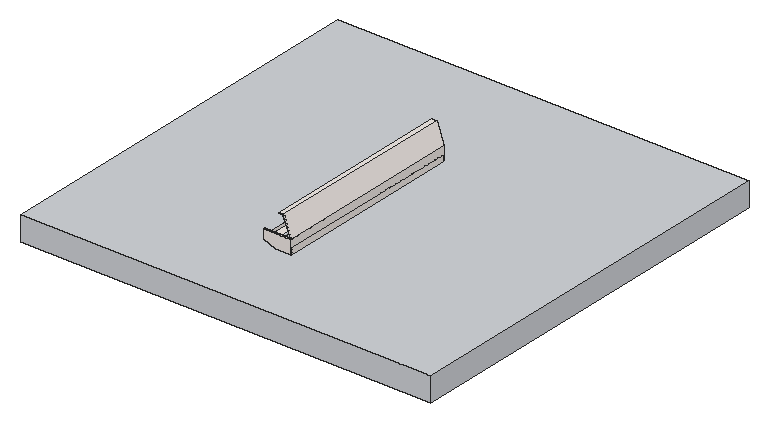
Revit family
Parameters
  Wiring Access Diameter = 0' - 0"
  Wiring = Wiring : Battery Pack
  Width = 0' - 6 3/4"  # constant formula
  Wattage Comments = "Wattage"
  Wattage = 9.29 W
  built-in parameter 1150110 = 1 (stored number, unit not read)
  Voltage = "Voltage"
  URL = "http://www.cooperlighting.com/"
  Supply Voltage = 0 V
  Spec Sheet = ""
  Series = "Cove Trio"  # constant formula
  Options (End Condition) = End Plates : Flat End Plate
  Options = Options : Flat End Plate
  Number of Poles = 1
  No of Circuits = 1
  Mount Length = 0' - 8 1/2"
  Model = "Model"
  Lamp = "Lamp"
  Housing Type = "18gauage corrosion resistant steel"  # constant formula
  Front Mount Size = - : 5x8
  Emit from Line Length = 2' - 0"
  Electrical Connector Description = ""
  Distribution = ""
  Diffusers/Shielding = "White Opal Lens"  # constant formula
  Description = "Description"
  built-in parameter 1114217 = 1 (stored number, unit not read)
  Total Input Wattage = 0 W
  Tilt Angle = 90.00°
  built-in parameter 1150109 = 1 (stored number, unit not read)
  built-in parameter 1150134 = 3
  built-in parameter 1150113 = 1 (stored number, unit not read)
  Shipping Weight = 0 lbf
  Product Page URL = ""
  Product Documentation Link = ""
  Power Factor = 0
  Photometric Web File = "file"
  Packaging = "Unit Pack"
  Manufacturer = "Cooper Industries, Inc."  # constant formula
  built-in parameter 1150105 = 109.81 (stored number, unit not read)
  Lumens = 1379.95 lm
  built-in parameter 1150115 = 1 (stored number, unit not read)
  built-in parameter 1150137 = (empty or 0)
  built-in parameter 1150139 = (empty or 0)
  Light Bulb Material = Glass - Cooper Industries - Clear
  Length = 4' - 0"
  built-in parameter 1150112 = 1 (stored number, unit not read)
  Lamp Quantity = 2
  built-in parameter 1150114 = 1 (stored number, unit not read)
  built-in parameter 1150132 = (empty or 0)
  built-in parameter 1150102 = (empty or 0)
  built-in parameter 1150107 = 3200 (stored number, unit not read)
  built-in parameter 1150138 = (empty or 0)
  built-in parameter 1150106 = 1.0981 (stored number, unit not read)
  Has Biaxial Bulb = yes
  Frame Material = Metal - Cooper Industries - Steel - White
  Efficiency = ""
  built-in parameter 1150104 = 13.8 (stored number, unit not read)
  Dimming Lamp Color Temperature Shift = (empty or 0)
  Diffuser Material = Glass - Cooper Industries - Clear
  Depth = 0' - 2 7/8"  # constant formula
  Default Elevation = 0' - 0"
  Copyright © = "© 2000-2010 Cooper Industries, Inc."  # constant formula
  Color Filter = 16777215
  Catalog Number = ""
  CTRL Lamp 3 Visibility = Lamp Quantity = 3  # no
  CTRL Lamp 2 Visibility = or(Lamp Quantity = 2, Lamp Quantity = 3, Lamp Quantity = 4)  # yes
  CTRL Lamp 4 Visibility = Lamp Quantity = 4  # no
  Bulb Length = Length - 0' 1"  # 3' - 11"
  Bulb Biaxial Angle = 0.00°
  Ballast Voltage = Supply Voltage  # 0 V
  Ballast Type = ""
  Ballast Quantity = 0
  built-in parameter 1114218 = 1 (stored number, unit not read)
  Ballast Configuration = ""
  built-in parameter 1150133 = 10 (stored number, unit not read)
  Assembly Code = "D5020210"
  Apparent Load = Total Input Wattage  # 0 VA
  Degree of Lift = 20.00°
Reference planes (in)
  plane 1 "Center (Front/Back)": y = 0
  plane 2 "Host Face": z = 0
  plane 3 "Center (Left/Right)": x = 0
  plane 4 "Left": x = -3.375
  plane 5 "Front": y = -24
  plane 6 "Right": x = 3.375
  plane 7 "Back": y = 24
  plane 8 "Top": z = 0
  plane 9 "Void Back": y = 23.75
  plane 10 "Void Front": y = -23.75
  plane 11 "Light": z = 8.5
  plane 12: x = 0.98475
  plane 13: x = -0.98475
  plane 14: y = 22
  plane 15: y = -22
  plane 16: y = 29
  plane 17: y = 26.25
  plane 18: z = 3.5
  plane 19: x = 0.98475
  plane 20: x = -0.98475
  plane 21: z = 3.5
  plane 22: through (3.07354, -180, 4.32826) normal (-0.9397, 0, -0.342)
  plane 23: z = 2
Forms (in)
  Extrusion 1, solid
    sketch origin (0, 0, 0) x (1, 0, 0) y (0, 1, 0)
      loop
        line (-48, 55) -> (-48, -44.53802) -> (54.979, -44.53802) -> (54.979, 55) -> (-48, 55)
    from 0 to -6
  Sweep 2, solid, material "Metal - Cooper Industries - Steel - White" <- "Frame Material"
    path origin (0, 0, 0) x (1, 0, 0) y (0, 1, 0)
      loop
        line (0, -24) -> (0, 24)
    profile origin (0, 0, 0) x (-1, 0, 0) y (0, 0, 1)
      loop
        line (-3.375, 3.5) -> (-3.375, 1.5) -> (-3.34167, 1.5) -> (-3.34167, 3.5) -> (-3.375, 3.5)
  Sweep 3, solid, material "Metal - Cooper Industries - Steel - White" <- "Frame Material"
    path origin (0, 0, 0) x (1, 0, 0) y (0, 1, 0)
      loop
        line (0, -23.75) -> (0, 23.75)
    profile origin (0, 0, 0) x (-1, 0, 0) y (0, 0, 1)
      loop
        line (0.35089, 0) -> (3.375, 1.25) -> (3.375, 2) -> (3.27344, 2) -> (3.27344, 1.5) -> (-3.375, 1.5) -> (-3.375, 0) -> (0.35089, 0)
      loop
        line (3.27344, 1.39844) -> (-3.27344, 1.39844) -> (-3.27344, 0.10156) -> (0.33073, 0.10156) -> (3.27344, 1.31792) -> (3.27344, 1.39844)
  Sweep 4, solid, material "Metal - Cooper Industries - Steel - White" <- "Frame Material"
    path origin (0, 0, 7) x (0, -1, 0) y (1, 0, 0)
      loop
        line (24, 0) -> (-24, 0)
    profile origin (0, 0, 7) x (-1, 0, 0) y (0, 0, 1)
      loop
        line (-3.375, -3.5) -> (-3.33759, -3.5) -> (-1.52987, 1.46667) -> (-0.5, 1.46667) -> (-0.5, 1.5) -> (-1.55515, 1.5) -> (-3.375, -3.5)
  Extrusion 5, solid, material "Metal - Cooper Industries - Steel - White" <- "Frame Material"
    sketch origin (0, 0, 0) x (1, 0, 0) y (0, 0, 1)
      loop
        line (-3.375, 3.5) -> (-3.375, 1.25) -> (-0.35089, 0) -> (3.375, 0) -> (3.375, 3.5) -> (-3.375, 3.5)
    from 23.75 to 24
  Extrusion 6, solid, material "Metal - Cooper Industries - Steel - White" <- "Frame Material"
    sketch origin (0, 12.75, 0) x (1, 0, 0) y (0, 0, 1)
      loop
        line (-3.375, 3.5) -> (-3.375, 1.25) -> (-0.35089, 0) -> (3.375, 0) -> (3.375, 3.5) -> (-3.375, 3.5)
    from -11.25 to -11
Lines and regions (in)
  symbolic lines, style "Host"
    curve 1: line (-3.375, 24, 0) -> (3.375, 24, 0)
    curve 2: line (-3.375, -24, 0) -> (-3.375, 24, 0)
    curve 3: line (3.375, -24, 0) -> (-3.375, -24, 0)
    curve 4: line (3.375, 24, 0) -> (3.375, -24, 0)
    curve 5: line (-3.375, -24, 0) -> (-3.375, 24, 0)
    curve 6: line (3.375, 24, 0) -> (-3.375, 24, 0)
  symbolic lines, style "Host", detail levels fine
    curve 7: line (3.375, 24, 0) -> (-3.375, -24, 0)
Dimensions and locks (in)
  "Width": plane 4 "Left" to plane 6 "Right"
  "Length": plane 5 "Front" to plane 7 "Back"
  equal spacing: plane 5 "Front", plane 1 "Center (Front/Back)", plane 7 "Back"
  equal spacing: plane 4 "Left", plane 3 "Center (Left/Right)", plane 6 "Right"
  locked: plane 9 "Void Back" to plane 7 "Back" at 0.25
  locked: plane 10 "Void Front" to plane 5 "Front" at 0.25
  locked: plane 14 to plane 7 "Back" at 2
  locked: plane 15 to plane 5 "Front" at 2
  locked: plane 18 to Sweep 3 at 2
  locked: plane 23 to Sweep 3 at 0.5
  "Mount Length": plane 11 "Light" to plane 8 "Top"
  locked: Sweep 4 sketch curve to Sweep 4 sketch curve at 0.03333
  locked: Sweep 4 sketch curve to Sweep 4 sketch curve at 5.32089
  locked: Sweep 4 sketch curve to Sweep 4 sketch curve at 0.03516
  locked: Sweep 4 sketch curve to Sweep 4 sketch curve at 1.05515
  "Degree of Lift": angle plane 6 "Right" to plane 22
  aligned and locked: plane 2 "Host Face" to Extrusion 1
  aligned and locked: level to Extrusion 1
  aligned and locked: plane 6 "Right" to curve 4
  aligned and locked: plane 5 "Front" to curve 3
  aligned and locked: plane 3 "Center (Left/Right)" to Sweep 3 sketch curve
  aligned and locked: Extrusion 1 to Sweep 3 sketch curve
  aligned and locked: plane 5 "Front" to Sweep 2 sketch curve
  aligned and locked: plane 7 "Back" to Sweep 2 sketch curve
  aligned: plane 3 "Center (Left/Right)" to nested 1
  aligned: imposter light to nested 1
  aligned: nested 1 to Sweep 2
  aligned: imposter light to Sweep 2
  aligned and locked: plane 4 "Left" to Sweep 3 sketch curve
  aligned and locked: Sweep 3 sketch curve to plane 6 "Right"
  aligned and locked: Sweep 2 sketch curve to plane 6 "Right"
  aligned and locked: Sweep 2 sketch curve to plane 18
  aligned and locked: Sweep 3 to Sweep 2 sketch curve
  aligned and locked: Sweep 4 sketch curve to plane 21
  aligned and locked: Sweep 3 to Extrusion 5 sketch curve
  aligned and locked: Extrusion 5 sketch curve to Sweep 3  (x3)
  aligned and locked: Extrusion 5 to plane 5 "Front"
  aligned and locked: plane 10 "Void Front" to Extrusion 5
  aligned and locked: Extrusion 6 to plane 7 "Back"
  aligned and locked: plane 9 "Void Back" to Extrusion 6
  aligned: Extrusion 5 to nested 1
  aligned and locked: Extrusion 6 sketch curve to Sweep 4
  aligned and locked: Extrusion 5 sketch curve to Extrusion 6
  aligned: nested 1 to Extrusion 6
  aligned and locked: Extrusion 6 to Sweep 3 sketch curve
  aligned and locked: Sweep 3 to nested 1
  aligned and locked: imposter light to plane 23
  aligned and locked: plane 22 to Sweep 4 sketch curve
  aligned and locked: Sweep 3 sketch curve to plane 23
  aligned and locked: imposter light to nested 1
Automatic sketch dimensions
  curve 1 to plane 4 "Left" = 0' - 0"
  plane 7 "Back" to curve 2 = 0' - 0"
  Extrusion 1 sketch curve to Extrusion 1 sketch curve = 8' - 6.979"
  Extrusion 1 sketch curve to Extrusion 1 sketch curve = 8' - 3.53802"
  Sweep 2 sketch curve to plane 3 "Center (Left/Right)" = 0' - 0"
  Sweep 2 sketch curve to Sweep 2 sketch curve = 0' - 0.03333"
  Sweep 3 sketch curve to plane 10 "Void Front" = 0' - 0"
  Sweep 4 sketch curve to plane 3 "Center (Left/Right)" = 0' - 0"
  plane 7 "Back" to Sweep 4 sketch curve = 0' - 0"
  Sweep 4 sketch curve to plane 5 "Front" = 0' - 0"
  Extrusion 6 sketch curve to level = 0' - 0"
  plane 6 "Right" to Extrusion 6 sketch curve = 0' - 0"
  Sweep 3 sketch curve to Sweep 3 sketch curve = 0' - 0 13/128"  (x3)
  Sweep 3 sketch curve to profile plane = 0' - 0.35089"
  Sweep 3 sketch curve to Sweep 3 sketch curve = 0' - 0"
  Sweep 3 sketch curve to Sweep 3 sketch curve = 0' - 0 3/4"
  Sweep 3 sketch curve to Sweep 3 sketch curve = 0' - 0 19/128"
  Sweep 3 sketch curve to Sweep 3 sketch curve = 0' - 0.02016"
  Extrusion 6 sketch curve to plane 4 "Left" = 0' - 0"
  Extrusion 6 sketch curve to plane 3 "Center (Left/Right)" = 0' - 0.35089"
  Extrusion 6 sketch curve to plane 23 = 0' - 0 3/4"
  level to Sweep 3 sketch curve = 0' - 0 13/128"
  Sweep 3 sketch curve to Sweep 3 sketch curve = 0' - 0.06792"
Nested families (in)
  nested 1: "Bulb - No  Light Source" at (-0.4375, 0, 1.5) x (0, 1, 0) z (0, 0, 1), type "No Light Source"
    with Bulb Length 3' - 11"
  nested 2: "Bulb - Light Source" at (0.4375, 0, 1.5) x (0, 1, 0) z (0, 0, 1), type "Light"
    with Light Source Offset 0' - 0", Biaxial Angle 0.00°
Connectors (in)
  electrical at (0, 0, 0), driven by "Power Factor", driven by "Apparent Load", driven by "Supply Voltage", driven by "Number of Poles", driven by "Electrical Connector Description"
    settings: index 1
Definition of nested family "Bulb - No  Light Source"
  Parameters (values of type "No Light Source")
    Type Comments = "⍁⍉⌁⌀⏭⎽⌇⍠⌜⍉⎖⌥⌦⌯⍭⏊⍻⍿⍊⏵⍊⏗⏠⍴⎡⌈⎀⍠⌓⌤⏘⎐⍀⌐⏬⏁⎈⏍⏦⎒⏬⌝⍩⍇⌣〈⎫〉⎁⏊⍥⍖⍥⍝⍦⌖⍀⏌⏭⎝⎼⏷⏞⍻⏯⎽⏷⏞⍻⏯⎽⏷⎺⌻⎝⍎⌧⏷⏟⏿⌿⍜⍦⍤⌁⍬⏶⏎⍊⏚⏉⎞⌡⎀⎪⏈⌟⌿⍾⍼⌟⌿⌢⍶⏷⏮⌾⎼⎻⎷⎳⎻⎓⏞⍿⎴⏷⏩⎣⎝⎽⏴⏥⌗⌿⍶⍶⏲⏺⏇⍞⏖⏕〉⎯⏛⏫⎴⌺⍏⏱⏷⏫⏪⎼⎝⏥⎿⏛⏛⏿⌇"
    Light Source Offset [instance] = 0' - 4"
    Light Bulb Material = Glass - Cooper Industries - Clear
    Is U Bulb = no
    Is Straight Bulb = no
    Is Biaxial Bulb = yes
    Emit Shape Visible in Rendering = no
    CTRL U Bulb = if(1 = 1, Bulb Seperation Distance / 2, 0' 0")  # 0' - 0 13/16"
    Bulb Seperation Distance = 0' - 1 5/8"
    Bulb Radius = Bulb Diameter / 2  # 0' - 0 5/16"
    Bulb Length = 4' - 0"
    Bulb End Material = Metal - Cooper Industries - Aluminum
    Bulb Diameter = 0' - 0 5/8"
    Biaxial Angle [instance] = 0.00°
    Assembly Code = ""
  Reference planes (in)
    plane 1 "Center (Front/Back)": y = 0
    plane 2 "Bottom": z = 0
    plane 3 "Center (Left/Right)": x = 0
    plane 4 "Center (Elevation)": z = 0.3125
    plane 5 "Top": z = 0.625
    plane 6 "Left": x = -24
    plane 7 "Left Inset": x = -23.5
    plane 8 "Right": x = 24
    plane 9 "Right Inset": x = 23.5
    plane 10 "Straight Bulb Back": y = 0.3125
    plane 11 "Straight Bulb Front": y = -0.3125
    plane 12 "U Bulb Back Back": y = 1.125
    plane 13 "U Bulb Back Front": y = 0.5
    plane 14 "U Bulb Back Center": y = 0.8125
    plane 15 "U Bulb Front Front": y = -1.125
    plane 16 "U Bulb Front Back": y = -0.5
    plane 17 "U Bulb Front Center": y = -0.8125
    plane 18 "U Bulb Right Center": x = 23.6875
    plane 19 "U Bulb Left Right": x = 23.375
    plane 20 "U Bulb Arc Reference": x = 22.875
    plane 21 "Biaxial Center (L/R)": y = 0
    plane 22 "Biaxial Center (T/B)": z = 0.3125
    plane 23 "Light Source Offset": z = 4.3125
  Forms (in)
    Extrusion 1, solid, material "Metal - Cooper Industries - Aluminum" <- "Bulb End Material", visible <- "Is U Bulb"
      sketch origin (0, -0.8125, 0) x (0, 1, 0) y (0, 0, 1)
        loop
          circle (0.8125, 0.3125) r 0.3125
      from -24 to -23.5
    Extrusion 2, solid, material "Glass - Cooper Industries - Clear" <- "Light Bulb Material", visible <- "Is Biaxial Bulb"
      sketch origin (0, -0.8125, 0) x (0, 1, 0) y (0, 0, 1)
        loop
          circle (0.8125, 0.3125) r 0.3125
      from -23.5 to 23.5
    Extrusion 3, solid, material "Metal - Cooper Industries - Aluminum" <- "Bulb End Material", visible <- "Is U Bulb"
      sketch origin (0, -0.8125, 0) x (0, 1, 0) y (0, 0, -1)
        loop
          circle (0.8125, -0.3125) r 0.3125
      from -24 to -23.5
  Lines and regions (in)
    symbolic lines, detail levels fine
      curve 1: line (-24, 0, 0) -> (24, 0, 0)
      curve 2: line (-24, 0, 0.3125) -> (24, 0, 0.3125)
  Dimensions and locks (in)
    equal spacing: plane 5 "Top", plane 4 "Center (Elevation)", plane 2 "Bottom"
    "Bulb Diameter": plane 5 "Top" to plane 2 "Bottom"
    locked: plane 7 "Left Inset" to plane 6 "Left" at 0.5
    locked: plane 9 "Right Inset" to plane 8 "Right" at 0.5
    equal spacing: plane 8 "Right", plane 3 "Center (Left/Right)", plane 6 "Left"
    "Bulb Length": plane 6 "Left" to plane 8 "Right"
    "Bulb Diameter": plane 11 "Straight Bulb Front" to plane 10 "Straight Bulb Back"
    equal spacing: plane 11 "Straight Bulb Front", plane 1 "Center (Front/Back)", plane 10 "Straight Bulb Back"
    "Bulb Diameter": plane 13 "U Bulb Back Front" to plane 12 "U Bulb Back Back"
    equal spacing: plane 13 "U Bulb Back Front", plane 14 "U Bulb Back Center", plane 12 "U Bulb Back Back"
    "Bulb Diameter": plane 16 "U Bulb Front Back" to plane 15 "U Bulb Front Front"
    equal spacing: plane 16 "U Bulb Front Back", plane 17 "U Bulb Front Center", plane 15 "U Bulb Front Front"
    equal spacing: plane 17 "U Bulb Front Center", plane 1 "Center (Front/Back)", plane 14 "U Bulb Back Center"
    "Bulb Seperation Distance": plane 17 "U Bulb Front Center" to plane 14 "U Bulb Back Center"
    equal spacing: plane 19 "U Bulb Left Right", plane 18 "U Bulb Right Center", plane 8 "Right"
    "Bulb Diameter": plane 19 "U Bulb Left Right" to plane 8 "Right"
    "CTRL U Bulb": plane 20 "U Bulb Arc Reference" to plane 18 "U Bulb Right Center"
    plane 1 "Center (Front/Back)" to plane 21 "Biaxial Center (L/R)" = 0' - 0"
    plane 22 "Biaxial Center (T/B)" to plane 4 "Center (Elevation)" = 0' - 0"
    "Light Source Offset": plane 23 "Light Source Offset" to plane 22 "Biaxial Center (T/B)"
    "Bulb Radius": radius of Extrusion 2 sketch curve
    aligned and locked: Extrusion 1 to plane 6 "Left"
    aligned and locked: plane 7 "Left Inset" to Extrusion 1
    aligned and locked: Extrusion 2 to plane 7 "Left Inset"
    aligned and locked: Extrusion 2 to plane 9 "Right Inset"
    aligned and locked: plane 6 "Left" to curve 1
    aligned and locked: plane 8 "Right" to curve 1
    aligned and locked: plane 1 "Center (Front/Back)" to curve 1
    aligned and locked: plane 8 "Right" to curve 2
    aligned and locked: plane 6 "Left" to curve 2
    aligned and locked: Extrusion 3 to plane 8 "Right"
    aligned and locked: plane 9 "Right Inset" to Extrusion 3
  Automatic sketch dimensions
    curve 2 to plane 4 "Center (Elevation)" = 0' - 0"
    Extrusion 1 sketch curve to Extrusion 1 sketch curve = 0' - 0"  (x2)
    plane 5 "Top" to Extrusion 1 sketch curve = 0' - 0"
    plane 14 "U Bulb Back Center" to Extrusion 1 sketch curve = 0' - 0 13/16"
    level to Extrusion 1 sketch curve = 0' - 0"
    Extrusion 3 sketch curve to Extrusion 3 sketch curve = 0' - 0"  (x2)
    plane 5 "Top" to Extrusion 3 sketch curve = 0' - 0"
    plane 14 "U Bulb Back Center" to Extrusion 3 sketch curve = 0' - 0 13/16"
    Extrusion 3 sketch curve to plane 4 "Center (Elevation)" = 0' - 0"
    Extrusion 2 sketch curve to plane 4 "Center (Elevation)" = 0' - 0"
    plane 14 "U Bulb Back Center" to Extrusion 2 sketch curve = 0' - 0 13/16"
Definition of nested family "Bulb - Light Source"
  Parameters (values of type "Light")
    Wattage = 13 W
    built-in parameter 1150110 = 1 (stored number, unit not read)
    Type Comments = "⍁⍉⌁⌀⏭⎽⌇⍠⌜⍉⎖⌥⌦⌯⍭⏊⍻⍿⍊⏵⍊⏗⏠⍴⎡⌈⎀⍠⌓⌤⏘⎐⍀⌐⏬⏁⎈⏍⏦⎒⏬⌝⍩⍇⌣〈⎫〉⎁⏊⍥⍖⍥⍝⍦⌖⍀⏌⏭⎝⎼⏷⏞⍻⏯⎽⏷⏞⍻⏯⎽⏷⎺⌻⎝⍎⌧⏷⏟⏿⌿⍜⍦⍤⌁⍬⏶⏎⍊⏚⏉⎞⌡⎀⎪⏈⌟⌿⍾⍼⌟⌿⌢⍶⏷⏮⌾⎼⎻⎷⎳⎻⎓⏞⍿⎴⏷⏩⎣⎝⎽⏴⏥⌗⌿⍶⍶⏲⏺⏇⍞⏖⏕〉⎯⏛⏫⎴⌺⍏⏱⏷⏫⏪⎼⎝⏥⎿⏛⏛⏿⌇"
    built-in parameter 1114217 = 1 (stored number, unit not read)
    Tilt Angle = 90.00°
    built-in parameter 1150109 = 1 (stored number, unit not read)
    built-in parameter 1150134 = 3
    built-in parameter 1150113 = 1 (stored number, unit not read)
    Photometric Web File = ""
    built-in parameter 1150105 = 153.67 (stored number, unit not read)
    Lumens = 1931.05 lm
    built-in parameter 1150115 = 1 (stored number, unit not read)
    Light Source Offset [instance] = 0' - 4"
    built-in parameter 1150137 = (empty or 0)
    built-in parameter 1150139 = (empty or 0)
    Light Bulb Material = Glass - Cooper Industries - Clear
    built-in parameter 1150112 = 1 (stored number, unit not read)
    built-in parameter 1150114 = 1 (stored number, unit not read)
    Is U Bulb = no
    Is Straight Bulb = no
    Is Biaxial Bulb = yes
    built-in parameter 1150132 = (empty or 0)
    built-in parameter 1150102 = (empty or 0)
    built-in parameter 1150107 = 3200 (stored number, unit not read)
    built-in parameter 1150138 = (empty or 0)
    built-in parameter 1150106 = 1.5367 (stored number, unit not read)
    Emit from Line Length = 2' - 0"
    built-in parameter 1150104 = 13.8 (stored number, unit not read)
    Dimming Lamp Color Temperature Shift = (empty or 0)
    Color Filter = 16777215
    CTRL U Bulb = if(1 = 1, Bulb Seperation Distance / 2, 0' 0")  # 0' - 0 13/16"
    Bulb Seperation Distance = 0' - 1 5/8"
    Bulb Radius = Bulb Diameter / 2  # 0' - 0 5/16"
    Bulb Length = 3' - 11"
    Bulb End Material = Metal - Cooper Industries - Aluminum
    Bulb Diameter = 0' - 0 5/8"
    Biaxial Angle [instance] = 0.00°
    built-in parameter 1114218 = 1 (stored number, unit not read)
    built-in parameter 1150133 = 10 (stored number, unit not read)
    Assembly Code = ""
  Reference planes (in)
    plane 1 "Center (Front/Back)": y = 0
    plane 2 "Bottom": z = 0
    plane 3 "Center (Left/Right)": x = 0
    plane 4 "Center (Elevation)": z = 0.3125
    plane 5 "Top": z = 0.625
    plane 6 "Left": x = -23.5
    plane 7 "Left Inset": x = -23
    plane 8 "Right": x = 23.5
    plane 9 "Right Inset": x = 23
    plane 10 "Straight Bulb Back": y = 0.3125
    plane 11 "Straight Bulb Front": y = -0.3125
    plane 12 "U Bulb Back Back": y = 1.125
    plane 13 "U Bulb Back Front": y = 0.5
    plane 14 "U Bulb Back Center": y = 0.8125
    plane 15 "U Bulb Front Front": y = -1.125
    plane 16 "U Bulb Front Back": y = -0.5
    plane 17 "U Bulb Front Center": y = -0.8125
    plane 18 "U Bulb Right Center": x = 23.1875
    plane 19 "U Bulb Left Right": x = 22.875
    plane 20 "U Bulb Arc Reference": x = 22.375
    plane 21 "Biaxial Center (L/R)": y = 0
    plane 22 "Biaxial Center (T/B)": z = 0.3125
    plane 23 "Light Source Offset": z = 4.3125
    plane 24: y = 4.3125
  Forms (in)
    Extrusion 1, solid, material "Metal - Cooper Industries - Aluminum" <- "Bulb End Material", visible <- "Is U Bulb"
      sketch origin (0, 0, 0) x (0, 1, 0) y (0, 0, 1)
        loop
          circle (0.00142, 0.3125) r 0.3125
      from -23.5 to -23
    Extrusion 2, solid, material "Glass - Cooper Industries - Clear" <- "Light Bulb Material", visible <- "Is Biaxial Bulb"
      sketch origin (0, -0.8125, 0) x (0, 1, 0) y (0, 0, 1)
        loop
          circle (0.8125, 0.3125) r 0.3125
      from -23 to 23
    Extrusion 3, solid, material "Metal - Cooper Industries - Aluminum" <- "Bulb End Material", visible <- "Is U Bulb"
      sketch origin (0, 0, 0) x (0, 1, 0) y (0, 0, -1)
        loop
          circle (-0.00145, -0.3125) r 0.3125
      from -23.5 to -23
  Lines and regions (in)
    symbolic lines, style "Light Bulb", detail levels fine
      curve 1: line (-23.5, 0, 0) -> (23.5, 0, 0)
      curve 2: line (-23.5, 0, 0.3125) -> (23.5, 0, 0.3125)
  Dimensions and locks (in)
    equal spacing: plane 5 "Top", plane 4 "Center (Elevation)", plane 2 "Bottom"
    "Bulb Diameter": plane 5 "Top" to plane 2 "Bottom"
    locked: plane 7 "Left Inset" to plane 6 "Left" at 0.5
    locked: plane 9 "Right Inset" to plane 8 "Right" at 0.5
    equal spacing: plane 8 "Right", plane 3 "Center (Left/Right)", plane 6 "Left"
    "Bulb Length": plane 6 "Left" to plane 8 "Right"
    "Bulb Diameter": plane 11 "Straight Bulb Front" to plane 10 "Straight Bulb Back"
    equal spacing: plane 11 "Straight Bulb Front", plane 1 "Center (Front/Back)", plane 10 "Straight Bulb Back"
    "Bulb Diameter": plane 13 "U Bulb Back Front" to plane 12 "U Bulb Back Back"
    equal spacing: plane 13 "U Bulb Back Front", plane 14 "U Bulb Back Center", plane 12 "U Bulb Back Back"
    "Bulb Diameter": plane 16 "U Bulb Front Back" to plane 15 "U Bulb Front Front"
    equal spacing: plane 16 "U Bulb Front Back", plane 17 "U Bulb Front Center", plane 15 "U Bulb Front Front"
    equal spacing: plane 17 "U Bulb Front Center", plane 1 "Center (Front/Back)", plane 14 "U Bulb Back Center"
    "Bulb Seperation Distance": plane 17 "U Bulb Front Center" to plane 14 "U Bulb Back Center"
    equal spacing: plane 19 "U Bulb Left Right", plane 18 "U Bulb Right Center", plane 8 "Right"
    "Bulb Diameter": plane 19 "U Bulb Left Right" to plane 8 "Right"
    "CTRL U Bulb": plane 20 "U Bulb Arc Reference" to plane 18 "U Bulb Right Center"
    plane 1 "Center (Front/Back)" to plane 21 "Biaxial Center (L/R)" = 0' - 0"
    plane 22 "Biaxial Center (T/B)" to plane 4 "Center (Elevation)" = 0' - 0"
    "Light Source Offset": plane 24 to plane 10 "Straight Bulb Back"
    "Bulb Radius": radius of Extrusion 2 sketch curve
    aligned and locked: Extrusion 1 to plane 6 "Left"
    aligned and locked: plane 7 "Left Inset" to Extrusion 1
    aligned: imposter light to plane 3 "Center (Left/Right)"
    aligned and locked: Extrusion 2 to plane 7 "Left Inset"
    aligned and locked: Extrusion 2 to plane 9 "Right Inset"
    aligned and locked: plane 6 "Left" to curve 1
    aligned and locked: plane 8 "Right" to curve 1
    aligned and locked: plane 1 "Center (Front/Back)" to curve 1
    aligned and locked: plane 8 "Right" to curve 2
    aligned and locked: plane 6 "Left" to curve 2
    aligned: plane 1 "Center (Front/Back)" to imposter light
    aligned: plane 3 "Center (Left/Right)" to imposter light
    aligned and locked: Extrusion 3 to plane 8 "Right"
    aligned and locked: plane 9 "Right Inset" to Extrusion 3
    aligned and locked: imposter light to plane 24
  Automatic sketch dimensions
    curve 2 to plane 4 "Center (Elevation)" = 0' - 0"
    Extrusion 1 sketch curve to Extrusion 1 sketch curve = 0' - 0"  (x2)
    plane 5 "Top" to Extrusion 1 sketch curve = 0' - 0"
    plane 14 "U Bulb Back Center" to Extrusion 1 sketch curve = 0' - 0.81108"
    level to Extrusion 1 sketch curve = 0' - 0"
    Extrusion 3 sketch curve to Extrusion 3 sketch curve = 0' - 0"  (x2)
    plane 5 "Top" to Extrusion 3 sketch curve = 0' - 0"
    plane 14 "U Bulb Back Center" to Extrusion 3 sketch curve = 0' - 0.81395"
    Extrusion 3 sketch curve to plane 4 "Center (Elevation)" = 0' - 0"
    Extrusion 2 sketch curve to plane 4 "Center (Elevation)" = 0' - 0"
    plane 14 "U Bulb Back Center" to Extrusion 2 sketch curve = 0' - 0 13/16"
